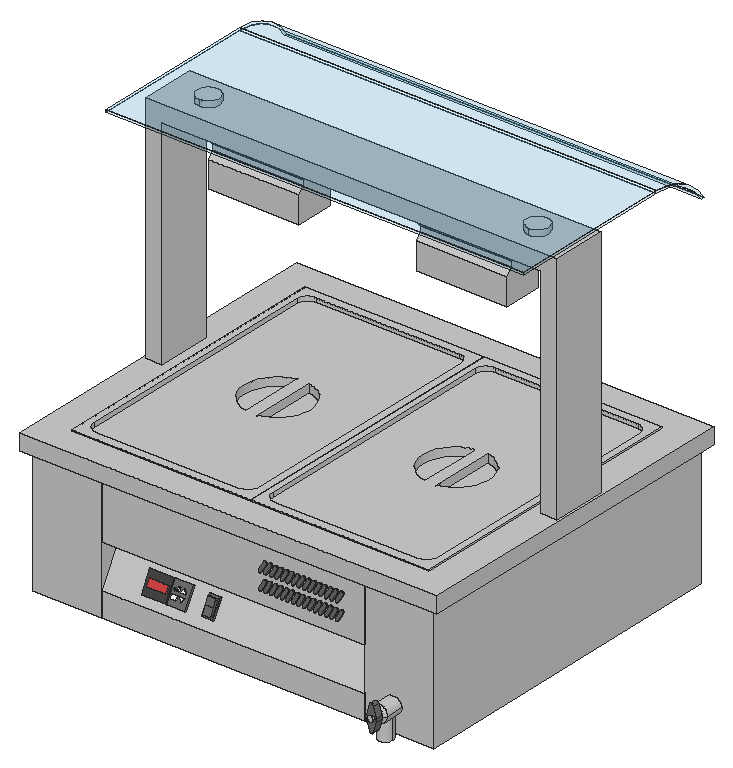
Revit family "QF_INOMAK_MEV67_250604103838", category Specialty Equipment, Revit 2021
Family settings
  Round Connector Dimension = Use Diameter
  Part Type = Normal
  OmniClass Number = 23.40.40.14
  OmniClass Title = Food Service Equipment
  Work Plane-Based = No
  Always vertical = Yes
  Cut with Voids When Loaded = No
  Shared = No
  Room Calculation Point = No
Parameters (values of type "MEV67")
  Weight [instance] = 28.00 kg
  Waste Water Discharge Temperature [instance] = 0 °C
  Waste Remarks [instance] = ""
  Warranty Start Date [instance] = ""
  Warranty Duration [instance] = ""
  Volts [instance] = 230 V
  Volt Free Conn [instance] = no
  URL Recommended Spares List [instance] = ""
  URL Manufacturer [instance] = ""
  URL Cutsheet [instance] = ""
  URL Critical Spares List [instance] = ""
  URL = "www.inomak.com"
  Technical Documentation [instance] = ""
  Tag Number [instance] = ""
  Status [instance] = ""
  Start Up Current [instance] = 0 A
  Specification by User [instance] = ""
  Specification by Manufacturer [instance] = ""
  Sound Level [instance] = ""
  Show Logo [instance] = yes
  Show Clearances [instance] = yes
  Service Life Duration [instance] = ""
  Serial Number [instance] = ""
  Seismic Rating [instance] = ""
  SMACNA No [instance] = ""
  Revision Code [instance] = ""
  Revision [instance] = ""
  Production Year [instance] = ""
  Potential Equalisation [instance] = no
  Point Load [instance] = 0
  Plumbing Connection Type [instance] = ""
  Phase [instance] = 1
  Other Equipment Approvals [instance] = ""
  Operational Current [instance] = 0 A
  Number of Poles [instance] = 2
  No Load Power Draw [instance] = no
  NAFEM Spec ID Number [instance] = ""
  Model Warning [instance] = ""
  Model = "MEV67"
  Min Ckt Ampacity [instance] = 0 A
  Max Overcurrent Protection [instance] = 10 A
  Masterspec [instance] = ""
  Manufacturer = "INOMAK"
  Main switch integrated [instance] = no
  Length Actual [instance] = 759 mm
  Item Number [instance] = ""
  Installed By [instance] = ""
  Installation Date [instance] = ""
  Indirect Waste Size [instance] = 25.4 mm
  Indirect Waste Remarks [instance] = ""
  Indirect Waste Flow [instance] = 0.0 L/s
  Indirect Waste Connection Type [instance] = ""
  Indirect Waste Connection Height [instance] = 0 mm
  Identify Quantity as Lot [instance] = no
  ID [instance] = ""
  Hygiene Approval [instance] = ""
  Height Actual [instance] = 708 mm
  HP power [instance] = ""
  Furnished By [instance] = ""
  Foodservice Equipment Identifier [instance] = no
  FL Amps [instance] = 9.8 A
  Electrical Remarks [instance] = ""
  Electric power [instance] = 2260 W
  Electric Connection Type [instance] = ""
  Elec Conn RI Height [instance] = 0 mm
  Elec Conn Connection Height [instance] = 0 mm
  ETL Approved [instance] = no
  Direct Waste Water Discharge Temperature [instance] = -273.15 °C
  Direct Waste Size [instance] = 25.4 mm
  Direct Waste RI Height [instance] = 0 mm
  Direct Waste Flow [instance] = 0.0 L/s
  Direct Waste Connection Height [instance] = 0 mm
  Description = "PORTABLE BAIN MARIE WITH 2 GN PANS CAPACITY AND SINGLE SNEEZE GUARD"
  Depth Actual [instance] = 629 mm
  Default Elevation = 0 mm
  Cycle [instance] = 50 Hz
  Cost = 0
  Connection to energy optimisation system [instance] = yes
  Conn Plug [instance] = ""
  Conn Conduit [instance] = no
  Centralized building control system with digital interface [instance] = ""
  CSI MasterFormat [instance] = ""
  CE Approved [instance] = no
  Barcode [instance] = 0
  Author [instance] = ""
  Asset Identifier [instance] = ""
  Apparent Power [instance] = 2260 VA
  Accessory [instance] = no
Reference planes
  plane 1 "Center (Front/Back)": y = 0
  plane 2: z = 0
  plane 3 "Center (Left/Right)": x = 0
Forms (mm)
  Extrusion 1, solid, not visible
    sketch origin (670.033, -600.029, 12.001) x (1, 0, 0) y (0, 1, 0)
      loop
        line (-2, 2) -> (-2, -2) -> (2, -2) -> (2, 2) -> (-2, 2)
    from -2 to 2
  Extrusion 2, solid, not visible
    sketch origin (80.004, -600.029, 12.001) x (1, 0, 0) y (0, 1, 0)
      loop
        line (-2, 2) -> (-2, -2) -> (2, -2) -> (2, 2) -> (-2, 2)
    from -2 to 2
Dimensions and locks
  locked: nested 2 to Extrusion 1 at 2  (x2)
  locked: nested 3 to Extrusion 2 at 2  (x2)
  aligned and locked: level to plane 2
Nested families
  nested 1: "QF_INOMAK_PORTABLE_BAIN_MARIES_760_2920" at (0, 0, 0), type "MEV67"
    with Weight 28.00 kg, Warranty Start Date "", Warranty Duration "", URL Cutsheet "", Technical Documentation "", Tag Number "", Status "", Specification by User "", Specification by Manufacturer "", Sound Level "", Solid Fuel Type "", Show Logo yes, Show Clearances yes, Service Life Duration "", Serial Number "", Seismic Rating "", SMACNA No "", Revision Code "", Revision "", Production Year "", Point Load 0, Other Equipment Approvals "", NAFEM Spec ID Number "", Model Warning "", Masterspec "", Length Actual 759 mm, Item Number "", Installed By "", Installation Date "", Identify Quantity as Lot yes, ID "", Hygiene Approval "", Height Actual 708 mm, Furnished By "", Foodservice Equipment Identifier yes, ETL Approved yes, Depth Actual 629 mm, CSI MasterFormat "", CE Approved yes, Barcode "", Author "", Asset Identifier "", Accessory no
  nested 2: "CONN_POINT_DRAIN_2D___Generic_Annotation" at (670.033, -600.029, 10), type "CONN_POINT_DRAIN_2D___Generic_Annotation"
    with Onboard connection annotation symbol visibility yes
  nested 3: "CONN_POINT_ELE_2D___Generic_Annotation" at (80.004, -600.029, 10), type "CONN_POINT_ELE_2D___Generic_Annotation"
    with Onboard connection annotation symbol visibility yes
  nested 4: "QF_INOMAK_HEAT_WORKTOPS_HTSS_760_4673" at (0, 0, 268), type "HTSS-760-630"
    with Weight 0.00 kg, Warranty Start Date "", Warranty Duration "", URL Cutsheet "", Technical Documentation "", Tag Number "", Status "", Specification by User "", Specification by Manufacturer "", Sound Level "", Solid Fuel Type "", Show Logo yes, Show Clearances yes, Service Life Duration "", Serial Number "", Seismic Rating "", SMACNA No "", Revision Code "", Revision "", Production Year "", Point Load 0, Other Equipment Approvals "", NAFEM Spec ID Number "", Model Warning "", Masterspec "", Length Actual 759 mm, Item Number "", Installed By "", Installation Date "", Identify Quantity as Lot yes, ID "", Hygiene Approval "", Height Actual 440 mm, Furnished By "", Foodservice Equipment Identifier yes, ETL Approved yes, Depth Actual 629 mm, CSI MasterFormat "", CE Approved yes, Barcode "", Author "", Asset Identifier "", Accessory yes
Connectors
  piping at (670.033, -600.029, 10), diameter 25.4, driven by "Indirect Waste Size", driven by "Direct Waste Flow"
    settings: on Extrusion 1, index 1, connector inside diameter 609.6 mm, connector length 0 mm, flow factor 0, pipe flow 0.0 L/s, pressure drop 0.0 Pa, fitting loss kfactor 0, connector angle 0.00°, fixture units 0, engagement length 0 mm, angle of deflection 0.00°, flow configuration 1, flow direction 2, fitting loss method 0, system type 16, joint type 0, gender type 0, connector reference index -1, connector utility 0, adjustable connector no, is connector primary yes, connector description "Waste connection for MEV67"
  electrical at (80.004, -600.029, 10), driven by "Apparent Power", driven by "Number of Poles", driven by "Volts"
    settings: on Extrusion 2, index 2, voltage 230 V, apparent load 0 VA, apparent load phase1 2260 VA, apparent load phase2 0 VA, apparent load phase3 0 VA, power factor 1, load classification "Other", number of poles 2, system type 31, power factor state 1, is connector primary yes, connector utility no, sub classification motor no, connector description "Electrical connection for MEV67"
Definition of nested family "QF_INOMAK_PORTABLE_BAIN_MARIES_760_2920"
  Parameters (values of type "MBSQ67")
    Weight [instance] = 0.00 kg
    Warranty Start Date [instance] = ""
    Warranty Duration [instance] = ""
    URL Cutsheet [instance] = ""
    URL = "www.inomak.com"
    Technical Documentation [instance] = ""
    Tag Number [instance] = ""
    Status [instance] = ""
    Specification by User [instance] = ""
    Specification by Manufacturer [instance] = ""
    Sound Level [instance] = ""
    Solid Fuel Type [instance] = ""
    Show Logo [instance] = yes
    Show Clearances [instance] = yes
    Service Life Duration [instance] = ""
    Serial Number [instance] = ""
    Seismic Rating [instance] = ""
    SMACNA No [instance] = ""
    Revision Code [instance] = ""
    Revision [instance] = ""
    Production Year [instance] = ""
    Point Load [instance] = 0
    Other Equipment Approvals [instance] = ""
    NAFEM Spec ID Number [instance] = ""
    Model Warning [instance] = ""
    Model = "MBSQ67"
    Masterspec [instance] = ""
    Manufacturer = "INOMAK"
    Length Actual [instance] = 0 mm
    Item Number [instance] = ""
    Installed By [instance] = ""
    Installation Date [instance] = ""
    Identify Quantity as Lot [instance] = yes
    ID [instance] = ""
    Hygiene Approval [instance] = ""
    Height Actual [instance] = 0 mm
    Furnished By [instance] = ""
    Foodservice Equipment Identifier [instance] = yes
    ETL Approved [instance] = yes
    Description = "PORTABLE BAIN MARIE WITH 2 GN PANS CAPACITY AND SQUARE SHOWCASE"
    Depth Actual [instance] = 0 mm
    Default Elevation = 0 mm
    CSI MasterFormat [instance] = ""
    CE Approved [instance] = yes
    Barcode [instance] = ""
    Author [instance] = ""
    Asset Identifier [instance] = ""
    Assembly Code = "E1090320"
    Accessory [instance] = yes
  Types (5, lengths in mm): name | Model | Description
    MBV67 | "MBV67" | "PORTABLE BAIN MARIE WITH 2 GN PANS CAPACITY AND SHOWCASE"
    MEV67 | "MEV67" | "PORTABLE BAIN MARIE WITH 2 GN PANS CAPACITY AND SINGLE SNEEZE GUARD"
    MSV67 | "MSV67" | "PORTABLE BAIN MARIE WITH 2 GN PANS CAPACITY AND DOUBLE SNEEZE GUARD"
    MAV67 | "MAV67" | "PORTABLE BAIN MARIE WITH 2 GN PANS CAPACITY"
    MBSQ67 | "MBSQ67" | "PORTABLE BAIN MARIE WITH 2 GN PANS CAPACITY AND SQUARE SHOWCASE"
  Reference planes
    plane 1 "Back": y = 0
    plane 2: z = 0
    plane 3 "Left": x = 0
    plane 4 "Right": x = 759
    plane 5 "Front": y = -629
    plane 6 "Top": z = 268
  Forms (mm)
    Extrusion 1, solid
      sketch origin (-86.572, -636, -16.393) x (-1, 0, 0) y (0, 0, 1)
        loop
          arc (-522.253, 222.665) -> (-526.351, 223.763) -> (-527.449, 219.665) r 3
          line (-527.449, 219.665) -> (-518.449, 204.077)
          arc (-518.449, 204.077) -> (-514.351, 202.979) -> (-513.253, 207.077) r 3
          line (-513.253, 207.077) -> (-522.253, 222.665)
        loop
          arc (-532.253, 222.665) -> (-536.351, 223.763) -> (-537.449, 219.665) r 3
          line (-537.449, 219.665) -> (-528.449, 204.077)
          arc (-528.449, 204.077) -> (-524.351, 202.979) -> (-523.253, 207.077) r 3
          line (-523.253, 207.077) -> (-532.253, 222.665)
        loop
          arc (-542.253, 222.665) -> (-546.351, 223.763) -> (-547.449, 219.665) r 3
          line (-547.449, 219.665) -> (-538.449, 204.077)
          arc (-538.449, 204.077) -> (-534.351, 202.979) -> (-533.253, 207.077) r 3
          line (-533.253, 207.077) -> (-542.253, 222.665)
        loop
          arc (-552.253, 222.665) -> (-556.351, 223.763) -> (-557.449, 219.665) r 3
          line (-557.449, 219.665) -> (-548.449, 204.077)
          arc (-548.449, 204.077) -> (-544.351, 202.979) -> (-543.253, 207.077) r 3
          line (-543.253, 207.077) -> (-552.253, 222.665)
        loop
          arc (-562.253, 222.665) -> (-566.351, 223.763) -> (-567.449, 219.665) r 3
          line (-567.449, 219.665) -> (-558.449, 204.077)
          arc (-558.449, 204.077) -> (-554.351, 202.979) -> (-553.253, 207.077) r 3
          line (-553.253, 207.077) -> (-562.253, 222.665)
        loop
          arc (-572.253, 222.665) -> (-576.351, 223.763) -> (-577.449, 219.665) r 3
          line (-577.449, 219.665) -> (-568.449, 204.077)
          arc (-568.449, 204.077) -> (-564.351, 202.979) -> (-563.253, 207.077) r 3
          line (-563.253, 207.077) -> (-572.253, 222.665)
        loop
          arc (-582.253, 222.665) -> (-586.351, 223.763) -> (-587.449, 219.665) r 3
          line (-587.449, 219.665) -> (-578.449, 204.077)
          arc (-578.449, 204.077) -> (-574.351, 202.979) -> (-573.253, 207.077) r 3
          line (-573.253, 207.077) -> (-582.253, 222.665)
        loop
          arc (-592.253, 222.665) -> (-596.351, 223.763) -> (-597.449, 219.665) r 3
          line (-597.449, 219.665) -> (-588.449, 204.077)
          arc (-588.449, 204.077) -> (-584.351, 202.979) -> (-583.253, 207.077) r 3
          line (-583.253, 207.077) -> (-592.253, 222.665)
        loop
          arc (-602.253, 222.665) -> (-606.351, 223.763) -> (-607.449, 219.665) r 3
          line (-607.449, 219.665) -> (-598.449, 204.077)
          arc (-598.449, 204.077) -> (-594.351, 202.979) -> (-593.253, 207.077) r 3
          line (-593.253, 207.077) -> (-602.253, 222.665)
        loop
          arc (-612.253, 222.665) -> (-616.351, 223.763) -> (-617.449, 219.665) r 3
          line (-617.449, 219.665) -> (-608.449, 204.077)
          arc (-608.449, 204.077) -> (-604.351, 202.979) -> (-603.253, 207.077) r 3
          line (-603.253, 207.077) -> (-612.253, 222.665)
        loop
          arc (-622.253, 222.665) -> (-626.351, 223.763) -> (-627.449, 219.665) r 3
          line (-627.449, 219.665) -> (-618.449, 204.077)
          arc (-618.449, 204.077) -> (-614.351, 202.979) -> (-613.253, 207.077) r 3
          line (-613.253, 207.077) -> (-622.253, 222.665)
        loop
          arc (-632.253, 222.665) -> (-636.351, 223.763) -> (-637.449, 219.665) r 3
          line (-637.449, 219.665) -> (-628.449, 204.077)
          arc (-628.449, 204.077) -> (-624.351, 202.979) -> (-623.253, 207.077) r 3
          line (-623.253, 207.077) -> (-632.253, 222.665)
        loop
          arc (-642.253, 222.665) -> (-646.351, 223.763) -> (-647.449, 219.665) r 3
          line (-647.449, 219.665) -> (-638.449, 204.077)
          arc (-638.449, 204.077) -> (-634.351, 202.979) -> (-633.253, 207.077) r 3
          line (-633.253, 207.077) -> (-642.253, 222.665)
        loop
          arc (-652.253, 222.665) -> (-656.351, 223.763) -> (-657.449, 219.665) r 3
          line (-657.449, 219.665) -> (-648.449, 204.077)
          arc (-648.449, 204.077) -> (-644.351, 202.979) -> (-643.253, 207.077) r 3
          line (-643.253, 207.077) -> (-652.253, 222.665)
        loop
          arc (-662.253, 222.665) -> (-666.351, 223.763) -> (-667.449, 219.665) r 3
          line (-667.449, 219.665) -> (-658.449, 204.077)
          arc (-658.449, 204.077) -> (-654.351, 202.979) -> (-653.253, 207.077) r 3
          line (-653.253, 207.077) -> (-662.253, 222.665)
        loop
          arc (-522.253, 192.665) -> (-526.351, 193.763) -> (-527.449, 189.665) r 3
          line (-527.449, 189.665) -> (-518.449, 174.077)
          arc (-518.449, 174.077) -> (-514.351, 172.979) -> (-513.253, 177.077) r 3
          line (-513.253, 177.077) -> (-522.253, 192.665)
        loop
          arc (-532.253, 192.665) -> (-536.351, 193.763) -> (-537.449, 189.665) r 3
          line (-537.449, 189.665) -> (-528.449, 174.077)
          arc (-528.449, 174.077) -> (-524.351, 172.979) -> (-523.253, 177.077) r 3
          line (-523.253, 177.077) -> (-532.253, 192.665)
        loop
          arc (-542.253, 192.665) -> (-546.351, 193.763) -> (-547.449, 189.665) r 3
          line (-547.449, 189.665) -> (-538.449, 174.077)
          arc (-538.449, 174.077) -> (-534.351, 172.979) -> (-533.253, 177.077) r 3
          line (-533.253, 177.077) -> (-542.253, 192.665)
        loop
          arc (-552.253, 192.665) -> (-556.351, 193.763) -> (-557.449, 189.665) r 3
          line (-557.449, 189.665) -> (-548.449, 174.077)
          arc (-548.449, 174.077) -> (-544.351, 172.979) -> (-543.253, 177.077) r 3
          line (-543.253, 177.077) -> (-552.253, 192.665)
        loop
          arc (-562.253, 192.665) -> (-566.351, 193.763) -> (-567.449, 189.665) r 3
          line (-567.449, 189.665) -> (-558.449, 174.077)
          arc (-558.449, 174.077) -> (-554.351, 172.979) -> (-553.253, 177.077) r 3
          line (-553.253, 177.077) -> (-562.253, 192.665)
        loop
          arc (-572.253, 192.665) -> (-576.351, 193.763) -> (-577.449, 189.665) r 3
          line (-577.449, 189.665) -> (-568.449, 174.077)
          arc (-568.449, 174.077) -> (-564.351, 172.979) -> (-563.253, 177.077) r 3
          line (-563.253, 177.077) -> (-572.253, 192.665)
        loop
          arc (-582.253, 192.665) -> (-586.351, 193.763) -> (-587.449, 189.665) r 3
          line (-587.449, 189.665) -> (-578.449, 174.077)
          arc (-578.449, 174.077) -> (-574.351, 172.979) -> (-573.253, 177.077) r 3
          line (-573.253, 177.077) -> (-582.253, 192.665)
        loop
          arc (-592.253, 192.665) -> (-596.351, 193.763) -> (-597.449, 189.665) r 3
          line (-597.449, 189.665) -> (-588.449, 174.077)
          arc (-588.449, 174.077) -> (-584.351, 172.979) -> (-583.253, 177.077) r 3
          line (-583.253, 177.077) -> (-592.253, 192.665)
        loop
          arc (-602.253, 192.665) -> (-606.351, 193.763) -> (-607.449, 189.665) r 3
          line (-607.449, 189.665) -> (-598.449, 174.077)
          arc (-598.449, 174.077) -> (-594.351, 172.979) -> (-593.253, 177.077) r 3
          line (-593.253, 177.077) -> (-602.253, 192.665)
        loop
          arc (-612.253, 192.665) -> (-616.351, 193.763) -> (-617.449, 189.665) r 3
          line (-617.449, 189.665) -> (-608.449, 174.077)
          arc (-608.449, 174.077) -> (-604.351, 172.979) -> (-603.253, 177.077) r 3
          line (-603.253, 177.077) -> (-612.253, 192.665)
        loop
          arc (-622.253, 192.665) -> (-626.351, 193.763) -> (-627.449, 189.665) r 3
          line (-627.449, 189.665) -> (-618.449, 174.077)
          arc (-618.449, 174.077) -> (-614.351, 172.979) -> (-613.253, 177.077) r 3
          line (-613.253, 177.077) -> (-622.253, 192.665)
        loop
          arc (-632.253, 192.665) -> (-636.351, 193.763) -> (-637.449, 189.665) r 3
          line (-637.449, 189.665) -> (-628.449, 174.077)
          arc (-628.449, 174.077) -> (-624.351, 172.979) -> (-623.253, 177.077) r 3
          line (-623.253, 177.077) -> (-632.253, 192.665)
        loop
          arc (-642.253, 192.665) -> (-646.351, 193.763) -> (-647.449, 189.665) r 3
          line (-647.449, 189.665) -> (-638.449, 174.077)
          arc (-638.449, 174.077) -> (-634.351, 172.979) -> (-633.253, 177.077) r 3
          line (-633.253, 177.077) -> (-642.253, 192.665)
        loop
          arc (-652.253, 192.665) -> (-656.351, 193.763) -> (-657.449, 189.665) r 3
          line (-657.449, 189.665) -> (-648.449, 174.077)
          arc (-648.449, 174.077) -> (-644.351, 172.979) -> (-643.253, 177.077) r 3
          line (-643.253, 177.077) -> (-652.253, 192.665)
        loop
          arc (-662.253, 192.665) -> (-666.351, 193.763) -> (-667.449, 189.665) r 3
          line (-667.449, 189.665) -> (-658.449, 174.077)
          arc (-658.449, 174.077) -> (-654.351, 172.979) -> (-653.253, 177.077) r 3
          line (-653.253, 177.077) -> (-662.253, 192.665)
      from 16.5 to 18.5
    Extrusion 2, solid
      sketch origin (0, -641.208, 0) x (-1, 0, 0) y (0, 0, 1)
        loop
          line (-15, 10) -> (-15, 238) -> (-140, 238) -> (-140, 10) -> (-15, 10)
      from 22.208 to 631.208
    Extrusion 3, solid
      sketch origin (0, 0, 238) x (1, 0, 0) y (0, 1, 0)
        loop
          line (0, 0) -> (0, -629) -> (759, -629) -> (759, 0) -> (0, 0)
        loop
          line (55, -579) -> (704, -579) -> (704, -49) -> (55, -49) -> (55, -579)
      from 0 to 30
    Extrusion 4, solid
      sketch origin (759.5, -641.208, 0) x (1, 0, 0) y (0, 0, -1)
        loop
          line (-15, -10) -> (-140.5, -10) -> (-140.5, -238) -> (-15, -238) -> (-15, -10)
      from 22.208 to 631.208
    Extrusion 5, solid
      sketch origin (0, 0, 0) x (0, 1, 0) y (0, 0, 1)
        loop
          line (-619, 238) -> (-619, 133.92) -> (-579, 124.282) -> (-619, 55) -> (-619, 10) -> (-10, 10) -> (-10, 238) -> (-619, 238)
      from 140 to 619
    Revolve 6, solid
      sketch origin (0, -594, 0) x (-1, 0, 0) y (0, 0, 1)
        loop
          line (-27.5, 10) -> (-40, 10) -> (-40, 0) -> (-30, 0) -> (-27.5, 10)
        axis (-40, 0) -> (-40, 10)
      angle from 0 to 360
    Revolve 7, solid
      sketch origin (759, -594, 0) x (1, 0, 0) y (0, 0, -1)
        loop
          line (-27.5, -10) -> (-30, 0) -> (-40, 0) -> (-40, -10) -> (-27.5, -10)
        axis (-40, 0) -> (-40, -10)
      angle from 0 to 360
    Extrusion 8, solid
      sketch origin (-1, -646.329, 9.665) x (-1, 0, 0) y (0, 0.5, 0.866025)
        loop
          line (-208.234, 108.408) -> (-253.234, 108.408) -> (-253.234, 68.408) -> (-208.234, 68.408) -> (-208.234, 108.408)
      from 0 to 2
    Extrusion 9, solid
      sketch origin (-612.766, -619.914, 59.417) x (-1, 0, 0) y (0, 0.5, 0.866025)
        loop
          line (-950, 15) -> (-930, 15) -> (-930, 50) -> (-950, 50) -> (-950, 15)
      from 0 to 3
    Extrusion 10, solid
      sketch origin (-584.766, -511.66, -3.083) x (0, 0.866025, -0.5) y (0, 0.5, 0.866025)
        loop
          line (-125, 18) -> (-125, 47)
          arc (-125, 47) -> (-127.961, 46.812) -> (-130.754, 45.81) r 10.576
          line (-130.754, 45.81) -> (-128, 32.5) -> (-128, 18) -> (-125, 18)
      from 905 to 919
    Extrusion 11, solid
      sketch origin (44, -646.329, 9.665) x (-1, 0, 0) y (0, 0.5, 0.866025)
        loop
          line (-208.234, 108.408) -> (-243.234, 108.408) -> (-243.234, 68.408) -> (-208.234, 68.408) -> (-208.234, 108.408)
      from 0 to 2
    Extrusion 12, solid
      sketch origin (-1, -646.762, 9.915) x (-1, 0, 0) y (0, 0.5, 0.866025)
        loop
          line (-213.234, 94.908) -> (-248.234, 94.908) -> (-248.234, 81.908) -> (-213.234, 81.908) -> (-213.234, 94.908)
      from 0 to 2.5
    Extrusion 13, solid
      sketch origin (-1, -646.762, 9.915) x (-1, 0, 0) y (0, 0.5, 0.866025)
        loop
          line (-271.558, 91.171) -> (-275.802, 98.522) -> (-280.047, 91.171) -> (-271.558, 91.171)
        loop
          line (-271.558, 85.645) -> (-280.047, 85.645) -> (-275.802, 78.294) -> (-271.558, 85.645)
        loop
          line (-257.397, 85.645) -> (-267.397, 85.645) -> (-267.397, 78.294) -> (-257.397, 78.294) -> (-257.397, 85.645)
        loop
          line (-265.397, 98.522) -> (-267.397, 98.522) -> (-267.397, 92.322) -> (-259.549, 92.322) -> (-259.549, 91.171) -> (-257.397, 93.322) -> (-259.549, 95.474) -> (-259.549, 94.322) -> (-265.397, 94.322) -> (-265.397, 98.522)
      from 0 to 2.5
    Revolve 14, solid
      sketch origin (0, -25, 0) x (-1, 0, 0) y (0, 0, -1)
        loop
          line (-27.5, -10) -> (-30, 0) -> (-40, 0) -> (-40, -10) -> (-27.5, -10)
        axis (-40, 0) -> (-40, -10)
      angle from 0 to 360
    Revolve 15, solid
      sketch origin (759, -25, 0) x (1, 0, 0) y (0, 0, 1)
        loop
          line (-27.5, 10) -> (-40, 10) -> (-40, 0) -> (-30, 0) -> (-27.5, 10)
        axis (-40, 0) -> (-40, 10)
      angle from 0 to 360
    Extrusion 16, solid
      sketch origin (-1, 4.125, 0) x (1, 0, 0) y (0, 1, 0)
        loop
          circle (672.38, -640.973) r 13
        loop
          circle (672.38, -640.973) r 11
      from 10 to 55
    Revolve 17, solid
      sketch origin (-1, 1, 55) x (1, 0, 0) y (0, 1, 0)
        loop
          line (657.38, -620) -> (657.38, -651.68) -> (662.497, -655.973) -> (672.497, -655.973) -> (672.497, -620) -> (657.38, -620)
        axis (672.497, -655.973) -> (672.497, -620)
      angle from 0 to 360
    Extrusion 18, solid
      sketch origin (-1, -629, 0) x (-1, 0, 0) y (0, 0, 1)
        loop
          circle (-672.38, 55) r 5
      from -41.78 to -25.973
    Extrusion 19, solid
      sketch origin (-1, -629, 0) x (-1, 0, 0) y (0, 0, 1)
        loop
          arc (-682.087, 57.836) -> (-682.497, 55) -> (-682.087, 52.164) r 10
          line (-682.087, 52.164) -> (-676.619, 33.676)
          arc (-676.619, 33.676) -> (-672.497, 30.597) -> (-668.376, 33.676) r 4.298
          line (-668.376, 33.676) -> (-662.908, 52.164)
          arc (-662.908, 52.164) -> (-662.497, 55) -> (-662.908, 57.836) r 10
          line (-662.908, 57.836) -> (-668.376, 76.324)
          arc (-668.376, 76.324) -> (-672.497, 79.403) -> (-676.619, 76.324) r 4.298
          line (-676.619, 76.324) -> (-682.087, 57.836)
      from -39.243 to -29.243
    Extrusion 20, solid
      sketch origin (-0.5, 1, 0) x (1, 0, 0) y (0, 1, 0)
        loop
          line (55.5, -50) -> (55.5, -580) -> (380, -580) -> (380, -50) -> (55.5, -50)
        loop
          arc (87.5, -65) -> (73.358, -70.858) -> (67.5, -85) r 20
          line (67.5, -85) -> (67.5, -545.415)
          arc (67.5, -545.415) -> (73.358, -559.557) -> (87.5, -565.415) r 20
          line (87.5, -565.415) -> (347.5, -565.415)
          arc (347.5, -565.415) -> (361.642, -559.557) -> (367.5, -545.415) r 20
          line (367.5, -545.415) -> (367.5, -85)
          arc (367.5, -85) -> (361.642, -70.858) -> (347.5, -65) r 20
          line (347.5, -65) -> (87.5, -65)
      from 238 to 270
    Extrusion 21, solid
      sketch origin (-0.5, 1, -7) x (1, 0, 0) y (0, 1, 0)
        loop
          arc (67.5, -545.415) -> (73.358, -559.557) -> (87.5, -565.415) r 20
          line (87.5, -565.415) -> (347.5, -565.415)
          arc (347.5, -565.415) -> (361.642, -559.557) -> (367.5, -545.415) r 20
          line (367.5, -545.415) -> (367.5, -85)
          arc (367.5, -85) -> (361.642, -70.858) -> (347.5, -65) r 20
          line (347.5, -65) -> (87.5, -65)
          arc (87.5, -65) -> (73.358, -70.858) -> (67.5, -85) r 20
          line (67.5, -85) -> (67.5, -545.415)
      from 245 to 270
    Extrusion 22, void
      sketch origin (-0.5, 1, 8) x (1, 0, 0) y (0, 1, 0)
        loop
          arc (207.5, -256.046) -> (157.5, -315.207) -> (207.5, -374.368) r 60
          line (207.5, -374.368) -> (207.5, -256.046)
        loop
          line (227.5, -256.046) -> (227.5, -374.368)
          arc (227.5, -374.368) -> (277.5, -315.207) -> (227.5, -256.046) r 60
      from 240 to 270
    Extrusion 23, solid
      sketch origin (324.5, 1, 0) x (1, 0, 0) y (0, 1, 0)
        loop
          line (55, -50) -> (55, -580) -> (379.5, -580) -> (379.5, -50) -> (55, -50)
        loop
          arc (87.5, -65) -> (73.358, -70.858) -> (67.5, -85) r 20
          line (67.5, -85) -> (67.5, -545.415)
          arc (67.5, -545.415) -> (73.358, -559.557) -> (87.5, -565.415) r 20
          line (87.5, -565.415) -> (347.5, -565.415)
          arc (347.5, -565.415) -> (361.642, -559.557) -> (367.5, -545.415) r 20
          line (367.5, -545.415) -> (367.5, -85)
          arc (367.5, -85) -> (361.642, -70.858) -> (347.5, -65) r 20
          line (347.5, -65) -> (87.5, -65)
      from 238 to 270
    Extrusion 24, solid
      sketch origin (324.5, 1, -7) x (1, 0, 0) y (0, 1, 0)
        loop
          arc (67.5, -545.415) -> (73.358, -559.557) -> (87.5, -565.415) r 20
          line (87.5, -565.415) -> (347.5, -565.415)
          arc (347.5, -565.415) -> (361.642, -559.557) -> (367.5, -545.415) r 20
          line (367.5, -545.415) -> (367.5, -85)
          arc (367.5, -85) -> (361.642, -70.858) -> (347.5, -65) r 20
          line (347.5, -65) -> (87.5, -65)
          arc (87.5, -65) -> (73.358, -70.858) -> (67.5, -85) r 20
          line (67.5, -85) -> (67.5, -545.415)
      from 245 to 270
    Extrusion 25, void
      sketch origin (324.5, 1, 8) x (1, 0, 0) y (0, 1, 0)
        loop
          arc (207.5, -256.046) -> (157.5, -315.207) -> (207.5, -374.368) r 60
          line (207.5, -374.368) -> (207.5, -256.046)
        loop
          line (227.5, -256.046) -> (227.5, -374.368)
          arc (227.5, -374.368) -> (277.5, -315.207) -> (227.5, -256.046) r 60
      from 240 to 270
  Cuts and joins
    Extrusion 22, Extrusion 25 cuts Extrusion 21
    Extrusion 25 cuts Extrusion 24
  Lines and regions (mm)
    symbolic lines
      curve 1: line (0, 0, 0) -> (759, 0, 0)
      curve 2: line (0, -629, 0) -> (0, 0, 0)
      curve 3: line (759, -629, 0) -> (0, -629, 0)
      curve 4: line (759, 0, 0) -> (759, -629, 0)
      curve 5: line (55, -49, 0) -> (704, -49, 0)
      curve 6: line (55, -579, 0) -> (55, -49, 0)
      curve 7: line (704, -579, 0) -> (55, -579, 0)
      curve 8: line (704, -49, 0) -> (704, -579, 0)
      curve 9: line (379.5, -49, 0) -> (379.5, -579, 0)
      curve 10: line (87, -64, 0) -> (347, -64, 0)
      curve 11: arc (67, -84, 0) -> (72.858, -69.858, 0) -> (87, -64, 0) r 20
      curve 12: line (67, -544.415, 0) -> (67, -84, 0)
      curve 13: arc (87, -564.415, 0) -> (72.858, -558.557, 0) -> (67, -544.415, 0) r 20
      curve 14: line (347, -564.415, 0) -> (87, -564.415, 0)
      curve 15: arc (367, -544.415, 0) -> (361.142, -558.557, 0) -> (347, -564.415, 0) r 20
      curve 16: line (367, -84, 0) -> (367, -544.415, 0)
      curve 17: arc (347, -64, 0) -> (361.142, -69.858, 0) -> (367, -84, 0) r 20
      curve 18: arc (227, -373.368, 0) -> (277, -314.207, 0) -> (227, -255.046, 0) r 60
      curve 19: line (227, -255.046, 0) -> (227, -373.368, 0)
      curve 20: line (207, -373.368, 0) -> (207, -255.046, 0)
      curve 21: arc (207, -255.046, 0) -> (157, -314.207, 0) -> (207, -373.368, 0) r 60
      curve 22: line (392, -544.415, 0) -> (392, -84, 0)
      curve 23: arc (392, -84, 0) -> (397.858, -69.858, 0) -> (412, -64, 0) r 20
      curve 24: line (412, -64, 0) -> (672, -64, 0)
      curve 25: arc (672, -64, 0) -> (686.142, -69.858, 0) -> (692, -84, 0) r 20
      curve 26: line (692, -84, 0) -> (692, -544.415, 0)
      curve 27: arc (692, -544.415, 0) -> (686.142, -558.557, 0) -> (672, -564.415, 0) r 20
      curve 28: line (672, -564.415, 0) -> (412, -564.415, 0)
      curve 29: arc (412, -564.415, 0) -> (397.858, -558.557, 0) -> (392, -544.415, 0) r 20
      curve 30: arc (532, -255.046, 0) -> (482, -314.207, 0) -> (532, -373.368, 0) r 60
      curve 31: line (532, -373.368, 0) -> (532, -255.046, 0)
      curve 32: line (552, -255.046, 0) -> (552, -373.368, 0)
      curve 33: arc (552, -373.368, 0) -> (602, -314.207, 0) -> (552, -255.046, 0) r 60
  Dimensions and locks
    plane 3 "Left" to plane 4 "Right" = 759 mm
    plane 5 "Front" to plane 1 "Back" = 629 mm
    plane 6 "Top" to plane 2 = 268 mm
    aligned and locked: level to plane 2
Definition of nested family "QF_INOMAK_HEAT_WORKTOPS_HTSS_760_4673"
  Parameters (values of type "HTSS-760-630")
    Weight [instance] = 0.00 kg
    Warranty Start Date [instance] = ""
    Warranty Duration [instance] = ""
    URL Cutsheet [instance] = ""
    URL = "www.inomak.com"
    Technical Documentation [instance] = ""
    Tag Number [instance] = ""
    Status [instance] = ""
    Specification by User [instance] = ""
    Specification by Manufacturer [instance] = ""
    Sound Level [instance] = ""
    Solid Fuel Type [instance] = ""
    Show Logo [instance] = yes
    Show Clearances [instance] = yes
    Service Life Duration [instance] = ""
    Serial Number [instance] = ""
    Seismic Rating [instance] = ""
    SMACNA No [instance] = ""
    Revision Code [instance] = ""
    Revision [instance] = ""
    Production Year [instance] = ""
    Point Load [instance] = 0
    Other Equipment Approvals [instance] = ""
    NAFEM Spec ID Number [instance] = ""
    Model Warning [instance] = ""
    Model = "HTSS"
    Masterspec [instance] = ""
    Manufacturer = "INOMAK"
    Length Actual [instance] = 0 mm
    Item Number [instance] = ""
    Installed By [instance] = ""
    Installation Date [instance] = ""
    Identify Quantity as Lot [instance] = yes
    ID [instance] = ""
    Hygiene Approval [instance] = ""
    Height Actual [instance] = 0 mm
    Furnished By [instance] = ""
    Foodservice Equipment Identifier [instance] = yes
    ETL Approved [instance] = yes
    Description = "SINGLE SNEEZE GUARD"
    Depth Actual [instance] = 0 mm
    Default Elevation = 0 mm
    CSI MasterFormat [instance] = ""
    CE Approved [instance] = yes
    Barcode [instance] = ""
    Author [instance] = ""
    Asset Identifier [instance] = ""
    Assembly Code = "E1090320"
    Accessory [instance] = yes
  Reference planes
    plane 1 "Back": y = 0
    plane 2: z = 0
    plane 3 "Left": x = 0
    plane 4 "Right": x = 759
    plane 5 "Front": y = -629
    plane 6 "Top": z = 440
  Forms (mm)
    Extrusion 1, solid
      sketch origin (1080, 0, -833) x (0, -1, 0) y (0, 0, 1)
        loop
          line (20, 1213.94) -> (25.993, 1213.94)
          arc (25.993, 1213.94) -> (70.349, 1253.652) -> (128.129, 1268) r 123.514
          line (128.129, 1268) -> (432.8, 1268) -> (432.8, 1273) -> (128.129, 1273)
          arc (128.129, 1273) -> (66.526, 1257.273) -> (20, 1213.94) r 128.514
      from 321 to 1080
    Extrusion 2, solid
      sketch origin (0, -695.221, -833) x (-1, 0, 0) y (0, 0, 1)
        loop
          line (-5, 833) -> (-5, 1258) -> (-754, 1258) -> (-754, 833) -> (-724, 833) -> (-724, 1228) -> (-35, 1228) -> (-35, 833) -> (-5, 833)
      from 345.221 to 445.221
    Extrusion 3, solid
      sketch origin (0, 1874.578, 40) x (0, 1, 0) y (-1, 0, 0)
        loop
          circle (-2174.578, -80) r 20
      from 385 to 395
    Extrusion 4, solid
      sketch origin (-321, 1874.578, 40) x (0, 1, 0) y (-1, 0, 0)
        loop
          circle (-2174.578, -1000) r 20
      from 385 to 395
    Extrusion 5, solid
      sketch origin (97.5, 0, 0) x (0, 1, 0) y (0, 0, 1)
        loop
          line (-265, 395) -> (-335, 395) -> (-335, 385) -> (-324.393, 374.393) -> (-275.607, 374.393) -> (-265, 385) -> (-265, 395)
      from 10 to 175
    Extrusion 6, solid
      sketch origin (107.5, 0, 0) x (0, 1, 0) y (0, 0, 1)
        loop
          line (-275.607, 374.393) -> (-324.393, 374.393) -> (-324.393, 364.393) -> (-335, 353.787) -> (-335, 305) -> (-265, 305) -> (-265, 353.787) -> (-275.607, 364.393) -> (-275.607, 374.393)
      from 0 to 5
    Extrusion 7, solid
      sketch origin (112.5, 0, 0) x (0, 1, 0) y (0, 0, 1)
        loop
          line (-275.607, 374.393) -> (-324.393, 374.393) -> (-324.393, 364.393) -> (-335, 353.787) -> (-335, 305) -> (-330, 305) -> (-330, 348.787) -> (-270, 348.787) -> (-270, 305) -> (-265, 305) -> (-265, 353.787) -> (-275.607, 364.393) -> (-275.607, 374.393)
      from 0 to 155
    Extrusion 8, solid
      sketch origin (267.5, 0, 0) x (0, 1, 0) y (0, 0, 1)
        loop
          line (-275.607, 374.393) -> (-324.393, 374.393) -> (-324.393, 364.393) -> (-335, 353.787) -> (-335, 305) -> (-265, 305) -> (-265, 353.787) -> (-275.607, 364.393) -> (-275.607, 374.393)
      from 0 to 5
    Extrusion 9, solid
      sketch origin (661.5, 0, 0) x (0, 1, 0) y (0, 0, -1)
        loop
          line (-265, -395) -> (-265, -385) -> (-275.607, -374.393) -> (-324.393, -374.393) -> (-335, -385) -> (-335, -395) -> (-265, -395)
      from 10 to 175
    Extrusion 10, solid
      sketch origin (651.5, 0, 0) x (0, 1, 0) y (0, 0, -1)
        loop
          line (-275.607, -374.393) -> (-275.607, -364.393) -> (-265, -353.787) -> (-265, -305) -> (-335, -305) -> (-335, -353.787) -> (-324.393, -364.393) -> (-324.393, -374.393) -> (-275.607, -374.393)
      from 0 to 5
    Extrusion 11, solid
      sketch origin (646.5, 0, 0) x (0, 1, 0) y (0, 0, -1)
        loop
          line (-275.607, -374.393) -> (-275.607, -364.393) -> (-265, -353.787) -> (-265, -305) -> (-270, -305) -> (-270, -348.787) -> (-330, -348.787) -> (-330, -305) -> (-335, -305) -> (-335, -353.787) -> (-324.393, -364.393) -> (-324.393, -374.393) -> (-275.607, -374.393)
      from 0 to 155
    Extrusion 12, solid
      sketch origin (491.5, 0, 0) x (0, 1, 0) y (0, 0, -1)
        loop
          line (-275.607, -374.393) -> (-275.607, -364.393) -> (-265, -353.787) -> (-265, -305) -> (-335, -305) -> (-335, -353.787) -> (-324.393, -364.393) -> (-324.393, -374.393) -> (-275.607, -374.393)
      from 0 to 5
  Cuts and joins
    joined: Extrusion 6, Extrusion 7, Extrusion 8
    joined: Extrusion 10, Extrusion 11, Extrusion 12
  Lines and regions (mm)
    Masking region 1
      outline origin (0, 0, 0) x (1, 0, 0) y (0, 1, 0)
        loop
          line (0, -20) -> (0, -432.8) -> (759, -432.8) -> (759, -20) -> (0, -20)
    symbolic lines
      curve 1: line (0, -20, 0) -> (759, -20, 0)
      curve 2: line (0, -432.8, 0) -> (0, -20, 0)
      curve 3: line (759, -432.8, 0) -> (0, -432.8, 0)
      curve 4: line (759, -20, 0) -> (759, -432.8, 0)
  Dimensions and locks
    plane 3 "Left" to plane 4 "Right" = 759 mm
    plane 5 "Front" to plane 1 "Back" = 629 mm
    plane 6 "Top" to plane 2 = 440 mm
    aligned and locked: level to plane 2
Definition of nested family "CONN_POINT_DRAIN_2D___Generic_Annotation"
  Parameters (values of type "CONN_POINT_DRAIN_2D___Generic_Annotation")
    Onboard connection annotation symbol visibility [instance] = yes
  Reference planes
    plane 1: y = 0
    plane 2: x = 0
  Lines and regions (mm)
    detail lines, visible <- "Onboard connection annotation symbol visibility"
      curve 1: circle (0, 0, 0) r 0.5 normal (0, 0, 1)
      curve 2: line (-1, 0, 0) -> (1, 0, 0)
      curve 3: line (0, 1, 0) -> (0, -1, 0)
      curve 4: line (1.776, 1, 0) -> (1.25, 1, 0)
      curve 5: line (1.25, 1, 0) -> (1.25, -1, 0)
      curve 6: line (1.25, -1, 0) -> (1.776, -1, 0)
      curve 7: arc (2.206, -0.862, 0) -> (2.459, -0.589, 0) -> (2.583, -0.238, 0) r 0.918
      curve 8: arc (2.583, 0.238, 0) -> (2.459, 0.589, 0) -> (2.206, 0.862, 0) r 0.918
      curve 9: arc (2.583, -0.238, 0) -> (2.599, 0, 0) -> (2.583, 0.238, 0) r 1.77
      curve 10: arc (2.206, 0.862, 0) -> (2.002, 0.965, 0) -> (1.776, 1, 0) r 0.741
      curve 11: arc (1.776, -1, 0) -> (2.002, -0.965, 0) -> (2.206, -0.862, 0) r 0.741
Definition of nested family "CONN_POINT_ELE_2D___Generic_Annotation"
  Parameters (values of type "CONN_POINT_ELE_2D___Generic_Annotation")
    Onboard connection annotation symbol visibility [instance] = yes
  Reference planes
    plane 1: y = 0
    plane 2: x = 0
  Lines and regions (mm)
    detail lines, visible <- "Onboard connection annotation symbol visibility"
      curve 1: circle (0, 0, 0) r 0.5 normal (0, 0, 1)
      curve 2: line (-1, 0, 0) -> (1, 0, 0)
      curve 3: line (0, 1, 0) -> (0, -1, 0)
      curve 4: line (2.5, 1, 0) -> (1.25, 1, 0)
      curve 5: line (1.25, 1, 0) -> (1.25, -1, 0)
      curve 6: line (1.25, -1, 0) -> (2.5, -1, 0)
      curve 7: line (1.25, 0, 0) -> (2, 0, 0)
